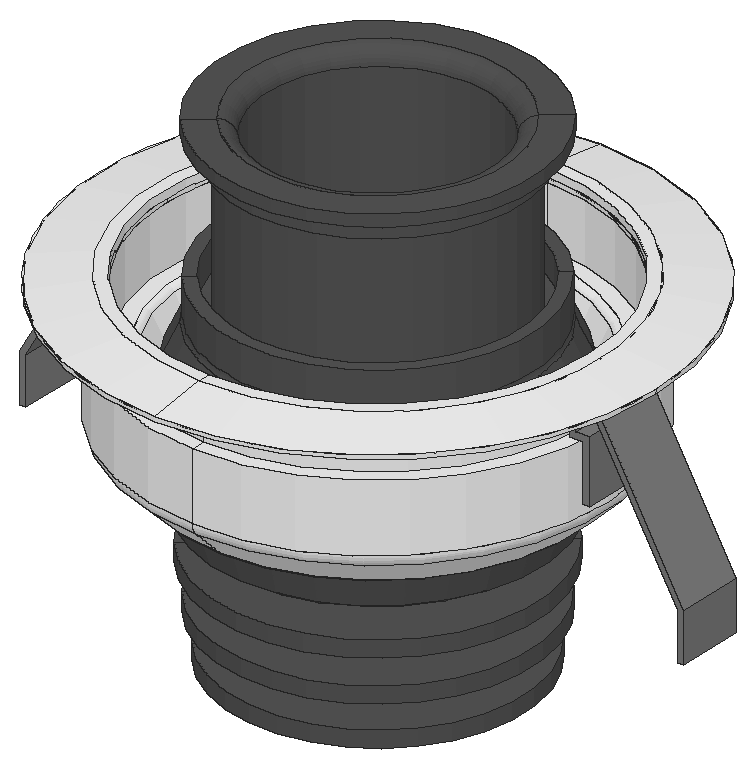
Revit family "Cameo 2.8", category Lighting Fixtures, host Face, Revit 2017
Family settings
  Host = Face
  Round Connector Dimension = Use Diameter
  Part Type = Normal
  Cut with Voids When Loaded = Yes
  Light Source = No
  Shared = No
  Room Calculation Point = Yes
Parameters (values of type "Cameo 2.8 zoom_L 58° (3000K 5W 24Vdc)")
  Wiring = "parallel"
  Width mm = 69.00 mm
  Weight kg = "0.15 kg"
  Voltage = 24 V
  Vertical rotation min = -20.00°
  Vertical rotation adjusted [instance] = if(Vertical rotation < Vertical rotation min, Vertical rotation min, if(Vertical rotation > Vertical rotation max, Vertical rotation max, Vertical rotation))  # 0.00°
  Vertical rotation [instance] = 0.00°
  Vertical rotation max = 20.00°
  Vertical Rotation max = 20.00°
  URL Technical sheet = "https://www.lucelight.it/media/prodotti/st/ST_CAMEO_28.pdf"
  URL Image = "https://www.lucelight.it/media/prodotti/foto/cameo_2.8_still.jpg"
  URL IES Photometric file = "https://www.lucelight.it/media/prodotti/fotometrie/cameo_2.8_ies.zip"
  URL General code = "https://www.lucelight.it/en/prodotto.php/118598#a-generacodice"
  URL Description = "https://www.lucelight.it/en/capitolato.php/118598"
  URL DXF = "https://www.lucelight.it/media/prodotti/dxf/cameo_2.8.dxf"
  URL Catalogue = "-"
  URL Accessories and power supply units = "https://www.lucelight.it/en/prodotto.php/118598#a-scheda-accessori"
  URL = "https://www.lucelight.it/en/prodotto.php/118598"
  Springs = L&L_C 67 annealed steel
  Radius void = 28.65 mm
  Power supply unit = "not included"
  Power supply = "24Vdc"
  Power cables = "includes 1.5 m PVC cable FROR 2x0.35/0.35 Ø3.5 m"
  Power = "5W"
  Optics = "58°"
  Notes = "The light beam can be precisely directed thanks to the great adjustability of the optical unit: rotation up to 360° around the vertical axis and 20° along the horizontal axis"
  No. and type of led = "1 power LED High Intensity, 3-step MacAdam, 50 000h L95 B10 (Ta 25°C)"
  Model = "Cameo 2.8"
  Manufacturer = "L&L Luce&Light"
  Light Source = Light Source : L58°
  Geometry 2 = Cameo2.8_mod : Cameo 2.8
  Mounting = "recessed (ceilings, and false ceilings and niches in plasterboard)"
  Material = "body and trim in aluminium"
  Lumen output at source = "452 lm (3000K)"
  Lens = L&L_Tempered extra-clear glass
  Length mm = 69.00 mm
  LED Colour = "3000K (also available: 2700K and 4000K - ref. URL Technical sheet)"
  L1 = 10.50 mm
  IP = "40"
  Horizontal rotation [instance] = 50.00°
  Horizontal rotation max = 360.00°
  Horizontal rotation adjusted [instance] = if(Horizontal rotation > Horizontal rotation max, Horizontal rotation max, Horizontal rotation)  # 50.00°
  Height void = 50.00 mm
  Height mm = 60.00 mm
  Geometry 1 = Cameo2.8_fixed : Cameo2.8_fixed
  Frame = L&L_Black anodized
  Features = "-"
  Energy efficiency class = "A A+ A++"
  Description = "Recessed for indoor applications"
  Delivered lumen output = "241 lm (3000K, 58°)"
  Default Elevation = 1219.20 mm
  Cutout dimensions = "diam. 65 mm"
  Control system = "-"
  Contact = "T: +39 0444 360571; E: lucelight@lucelight.it"
  Company = "L&L Luce&Light"
  Code = "CM280010005R1N Black; CM280010005R1E White"
  CRI = "90"
  Body = L&L_White anodized aluminium
  Apparent Load Phase 1 = 5 W
Types (2, lengths in mm): name | Optics | Light Source
  Cameo 2.8 zoom_L 8° (3000K 5W 24Vdc) | "8°" | Light Source : L8°
  Cameo 2.8 zoom_L 58° (3000K 5W 24Vdc) | "58°" | Light Source : L58°
Reference planes
  plane 1 "Center (Front/Back)": y = 0
  plane 2: z = 0
  plane 3 "Center (Left/Right)": x = 0
  plane 4: z = -50
Forms (mm)
  Extrusion 1, void
    sketch origin (0, 0, 0) x (-0.766044, -0.642788, 0) y (-0.642788, 0.766044, 0)
      loop
        circle (0, 0) r 28.65
    from 0 to 50
Lines and regions (mm)
  reference lines
    curve 1: line (0, 0, 0) -> (-6.749, 8.043, 0)
    curve 2: line (-6.749, 8.043, 0) -> (-6.749, 8.043, 1.5)
Dimensions and locks
  "L1": curve 1 to curve 1
  "Height void": plane 4 to plane 2
  "Radius void": radius of Extrusion 1 sketch curve
  "Horizontal rotation adjusted": angle curve 1 to plane 1 "Center (Front/Back)"
  aligned and locked: plane 2 to host face
  aligned and locked: level to host face
  aligned and locked: Extrusion 1 to plane 4
  aligned and locked: plane 2 to Extrusion 1
Automatic sketch dimensions
  host sketch curve to host sketch curve = 2438.40 mm  (x2)
  curve 2 to curve 1 = 0.00 mm  (x2)
  curve 1 to curve 2 = 1.50 mm
  plane 1 "Center (Front/Back)" to curve 1 = 0.00 mm
  curve 1 to plane 3 "Center (Left/Right)" = 0.00 mm
  Extrusion 1 sketch curve to curve 1 = 0.00 mm  (x2)
Nested families
  nested 1: "Cameo2.8_fixed" at (0, 0, 0), type <- "Geometry 1", type "Cameo2.8_fixed"
  nested 2: "Cameo2.8_mod" at (0, 0, -15.06) x (-0.6428, 0.766, 0) z (0, 0, 1), type <- "Geometry 2", Vertical rotation <- "Vertical rotation adjusted", type "Cameo 2.8"
    with Vertical rotation 0.00°
  nested 3: "Light Source" at (0, 0, -6.35) x (0.766, 0.6428, 0) z (0, 0, 1), type <- "Light Source", type "L58°"
Connectors
  electrical at (0, 0, 0), driven by "Voltage", driven by "Apparent Load Phase 1"
    settings: on host face, index 1, voltage 24 V, apparent load 0 VA, apparent load phase1 5 VA, apparent load phase2 0 VA, apparent load phase3 0 VA, power factor 1, load classification "Lighting", number of poles 1, system type 31, power factor state 1, is connector primary yes, connector utility no, sub classification motor no, connector description ""
Definition of nested family "Cameo2.8_fixed"
  Parameters (values of type "Cameo2.8_fixed")
    Springs = none
    Body = none
  Reference planes
    plane 1 "Light Source Axis (F/B)": y = 0
    plane 2: z = 0
    plane 3 "Light Source Axis (L/R)": x = 0
    plane 4 "Light Source Elevation": z = 1.5
    plane 5: y = 23.5
    plane 6: y = -23.5
    plane 7: z = -19.3
    plane 8: x = 26.05
    plane 9: x = -26.05
    plane 10: y = -26.05
    plane 11: y = 26.05
  Forms (mm)
    Extrusion 1, solid, material <- "Body", detail levels coarse
      sketch origin (0, 0, 0) x (1, 0, 0) y (0, 1, 0)
        loop
          circle (0, 0) r 34.5
      from -19.3 to 1.5
    Extrusion 2, solid, material <- "Body", detail levels medium
      sketch origin (0, 0, 0) x (1, 0, 0) y (0, 1, 0)
        loop
          circle (0, 0) r 34.5
        loop
          circle (0, 0) r 26.15
      from 0 to 1.5
    Revolve 3, solid, material <- "Body", detail levels medium
      sketch origin (0, 0, 0) x (0, 1, 0) y (0, 0, 1)
        loop
          line (-28.65, 0) -> (-28.65, -19.3) -> (-21.781, -19.3) -> (-21.781, -15.386) -> (-26.15, -15.386) -> (-26.15, 0) -> (-28.65, 0)
        axis (0, 0) -> (0, -19.3)
      angle from 0 to 360
    Revolve 4, solid, material <- "Body", detail levels fine
      sketch origin (0, 0, 0) x (0, 1, 0) y (0, 0, 1)
        loop
          line (-34.5, 0.5) -> (-26.15, 0.5) -> (-26.15, 1.5) -> (-27.65, 1.5) -> (-34.5, 0.5)
        axis (0, 1.5) -> (0, 0.5)
      angle from 0 to 360
    Extrusion 5, solid, material <- "Body", detail levels fine
      sketch origin (0, 0, 0) x (1, 0, 0) y (0, 1, 0)
        loop
          circle (0, 0) r 34.5
        loop
          circle (0, 0) r 26.15
      from 0 to 0.5
    Revolve 6, solid, material <- "Body", detail levels fine
      sketch origin (0, 0, 0) x (0, 1, 0) y (0, 0, 1)
        loop
          line (-28.65, 0) -> (-28.65, -2.6) -> (-26.9, -2.6) -> (-26.9, -5.6) -> (-28.65, -5.6) -> (-28.65, -13.974)
          arc (-28.65, -13.974) -> (-28.497, -14.738) -> (-28.064, -15.386) r 2
          line (-28.064, -15.386) -> (-24.443, -19.007)
          arc (-24.443, -19.007) -> (-24.118, -19.224) -> (-23.736, -19.3) r 1
          line (-23.736, -19.3) -> (-22.12, -19.3) -> (-22.12, -18.328)
          arc (-22.12, -18.328) -> (-22.397, -14.447) -> (-21.998, -10.576) r 22.389
          line (-21.998, -10.576) -> (-23.324, -7.853)
          arc (-23.324, -7.853) -> (-23.692, -7.449) -> (-24.218, -7.3) r 1
          line (-24.218, -7.3) -> (-26.15, -7.3) -> (-26.15, 0) -> (-28.65, 0)
        axis (0, 0) -> (0, -19.3)
      angle from 0 to 360
  Dimensions and locks
    plane 7 to plane 4 "Light Source Elevation" = 20.80 mm
    plane 4 "Light Source Elevation" to plane 7 = 20.80 mm
    aligned and locked: level to plane 2
    aligned and locked: Extrusion 1 to plane 4 "Light Source Elevation"
    aligned and locked: plane 7 to Extrusion 1
  Nested families
    nested 1: "Springs" at (28.65, 5.4, -12.5) x (0, 1, 0) z (0, 0, -1), type "Springs", detail levels fine
    nested 2: "Springs" at (-28.65, 5.4, -12.5) x (0, 1, 0) z (0, 0, -1), type "Springs", detail levels fine
  Definition of nested family "Springs"
    Parameters (values of type "Springs")
      Springs = none
      Default Elevation = 1219.20 mm
    Reference planes
      plane 1 "Light Source Axis (F/B)": y = 0
      plane 2: z = 0
      plane 3 "Light Source Axis (L/R)": x = 0
      plane 4 "Light Source Elevation": z = 1500
    Forms (mm)
      Extrusion 1, solid, material <- "Springs"
        sketch origin (-1.4, -105.269, -78.274) x (0, 1, 0) y (0, 0, -1)
          loop
            line (103.963, -66.336) -> (92.769, -85.724) -> (92.769, -91.724) -> (93.569, -91.724) -> (93.569, -85.939) -> (104.469, -67.059) -> (104.469, -69.174) -> (106.169, -69.174) -> (106.169, -70.574) -> (104.469, -70.574) -> (104.469, -78.274) -> (105.269, -78.274) -> (105.269, -71.374) -> (106.969, -71.374) -> (106.969, -68.374) -> (105.269, -68.374) -> (105.269, -66.686)
            arc (105.269, -66.686) -> (104.75, -66.01) -> (103.963, -66.336) r 0.7
        from 0 to 8
    Dimensions and locks
      aligned and locked: level to plane 2
Definition of nested family "Cameo2.8_mod"
  Parameters (values of type "Cameo 2.8")
    Vertical rotation [instance] = 10.00°
    Lens = none
    Frame = none
    Default Elevation = 1219.20 mm
  Reference planes
    plane 1 "Light Source Axis (F/B)": y = 0
    plane 2: z = 0
    plane 3 "Light Source Axis (L/R)": x = 0
    plane 4 "Light Source Elevation": z = 0
    plane 5: z = 0
  Lines and regions (mm)
    reference lines
      curve 1: line (0, 0, -6.093) -> (0, 0, 0)
      curve 2: line (0, 0, 0) -> (-135.711, 0, 23.929)
  Dimensions and locks
    "Vertical rotation": angle curve 2 to plane 5
    aligned and locked: level to plane 2
  Automatic sketch dimensions
    curve 2 to level = 0.00 mm
    curve 2 to plane 3 "Light Source Axis (L/R)" = 0.00 mm
    curve 1 to curve 1 = 6.093 mm
  Nested families
    nested 1: "Cameo2.8_movable" at (3.646, 0, 20.676) x (-0.9848, 0, 0.1736) z (0.1736, 0, 0.9848), type "Cameo2.8_movable"
  Definition of nested family "Cameo2.8_movable"
    Parameters (values of type "Cameo2.8_movable")
      Lens = none
      Frame = none
      Default Elevation = 1219.20 mm
    Reference planes
      plane 1 "Light Source Axis (F/B)": y = 0
      plane 2: z = 0
      plane 3 "Light Source Axis (L/R)": x = 0
      plane 4 "Light Source Elevation": z = 1500
      plane 5: y = -22
      plane 6: y = -19
      plane 7: y = 18
      plane 8: y = -10.65
      plane 9: y = -10.65
      plane 10: y = -13.5
      plane 11: y = -13.5
      plane 12: y = -10.65
    Forms (mm)
      Revolve 1, solid, material <- "Frame", detail levels fine
        sketch origin (0, 0, -2.6) x (0, 1, 0) y (0, 0, 1)
          loop
            line (0, -44.635) -> (0, -24.135) -> (-17.5, -24.135) -> (-17.5, -2.135) -> (-19, -2.135) -> (-19, -6.421)
            arc (-19, -6.421) -> (-19.052, -6.813) -> (-19.205, -7.177) r 1.499
            arc (-19.205, -7.177) -> (-22.213, -17.231) -> (-20.276, -27.546) r 22.244
            line (-20.276, -27.546) -> (-19.364, -28.135) -> (-11.5, -28.135) -> (-11.5, -31.635) -> (-19.75, -31.635) -> (-19.75, -33.635) -> (-10, -33.635) -> (-10, -37.135) -> (-19, -37.135) -> (-19, -39.135) -> (-8, -39.135) -> (-8, -42.635) -> (-18, -42.635) -> (-18, -44.635) -> (0, -44.635)
          axis (0, -2.135) -> (0, -44.635)
        angle from 0 to 360
      Extrusion 2, solid, material <- "Lens", detail levels fine
        sketch origin (0, 0, 0) x (1, 0, 0) y (0, 1, 0)
          loop
            circle (0, 0) r 10.65
        from -13.285 to -12.285
      Revolve 3, solid, material <- "Frame", detail levels medium
        sketch origin (0, 0, 0) x (0, 1, 0) y (0, 0, 1)
          loop
            line (-10.65, 12.715) -> (-19, 12.715) -> (-19, -41.035) -> (0, -41.035) -> (0, 11.915) -> (-10.65, 11.915) -> (-10.65, 12.715)
          axis (0, 12.715) -> (0, -41.035)
        angle from 0 to 360
      Extrusion 4, solid, material <- "Lens", detail levels medium
        sketch origin (0, 0, 4.78) x (1, 0, 0) y (0, 1, 0)
          loop
            circle (0, 0) r 10.65
        from 7.135 to 7.935
      Revolve 5, solid, material <- "Frame", detail levels coarse
        sketch origin (0, 0, 0) x (0, 1, 0) y (0, 0, 1)
          loop
            line (0, 12.715) -> (-19, 12.715) -> (-19, -41.035) -> (0, -41.035) -> (0, 12.715)
          axis (0, 12.715) -> (0, -41.035)
        angle from 0 to 360
      Revolve 6, solid, material <- "Frame"
        sketch origin (0, 0, 0) x (0, 1, 0) y (0, 0, 1)
          loop
            line (-15.598, 12.715) -> (-19.148, 12.715) -> (-19.148, 11.215) -> (-17.498, 11.215) -> (-17.498, 9.005)
            arc (-17.498, 9.005) -> (-16.777, 9.19) -> (-16.048, 9.339) r 14.68
            line (-16.048, 9.339) -> (-16.048, -8.604)
            arc (-16.048, -8.604) -> (-16.777, -8.465) -> (-17.498, -8.288) r 13.92
            line (-17.498, -8.288) -> (-17.498, -9.785) -> (-16.048, -9.785) -> (-16.048, -12.285) -> (-17.498, -12.285) -> (-17.498, -13.285) -> (-10.65, -13.285) -> (-10.65, -12.285) -> (-13.598, -12.285) -> (-13.598, 10.71)
            arc (-13.598, 10.71) -> (-14.182, 12.128) -> (-15.598, 12.715) r 2
          axis (0, 12.715) -> (0, -13.285)
        angle from 0 to 360
    Dimensions and locks
      aligned and locked: level to plane 2
Definition of nested family "Light Source"
  Parameters (values of type "L58°")
    Wattage = 5 W
    built-in parameter 1150110 = 1 (stored number, unit not read)
    built-in parameter 1114217 = 1 (stored number, unit not read)
    Tilt Angle = 0.00°
    built-in parameter 1150109 = 1 (stored number, unit not read)
    built-in parameter 1150134 = (empty or 0)
    built-in parameter 1150113 = 1 (stored number, unit not read)
    Photometric Web File = "CAMEO 2.8 zoom L 58° [3000K 5W 24Vdc].IES"
    Lumens = 742.71 lm
    built-in parameter 1150115 = 1 (stored number, unit not read)
    built-in parameter 1150105 = 59.103 (stored number, unit not read)
    built-in parameter 1150137 = (empty or 0)
    built-in parameter 1150139 = (empty or 0)
    built-in parameter 1150112 = 1 (stored number, unit not read)
    built-in parameter 1150114 = 1 (stored number, unit not read)
    built-in parameter 1150132 = 2
    built-in parameter 1150102 = (empty or 0)
    built-in parameter 1150138 = (empty or 0)
    built-in parameter 1150107 = 3000 (stored number, unit not read)
    built-in parameter 1150106 = 0.59103 (stored number, unit not read)
    built-in parameter 1150104 = 13.8 (stored number, unit not read)
    Dimming Lamp Color Temperature Shift = (empty or 0)
    Default Elevation = 1219.20 mm
    Color Filter = 16777215
    built-in parameter 1114218 = 1 (stored number, unit not read)
    built-in parameter 1150133 = 10 (stored number, unit not read)
  Types (2, lengths in mm): name | Photometric Web File
    L8° | "CAMEO 2.8 zoom L 8° [3000K 5W 24Vdc].IES"
    L58° | "CAMEO 2.8 zoom L 58° [3000K 5W 24Vdc].IES"
  Reference planes
    plane 1 "Light Source Axis (F/B)": y = 0
    plane 2: z = 0
    plane 3 "Light Source Axis (L/R)": x = 0
    plane 4 "Light Source Elevation": z = 0
  Dimensions and locks
    aligned and locked: plane 1 "Light Source Axis (F/B)" to imposter light
    aligned and locked: level to plane 2
